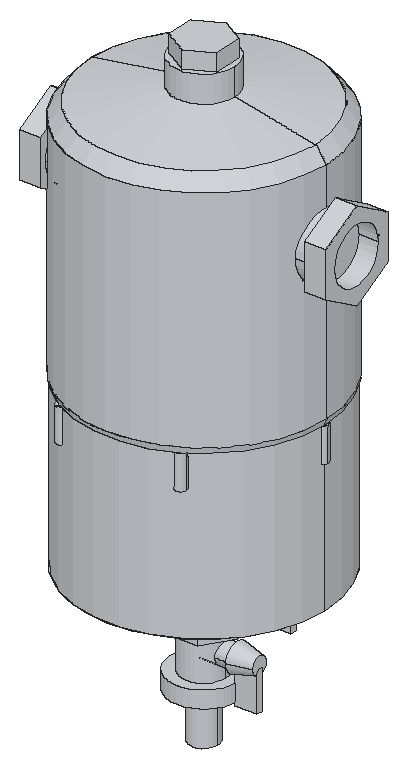
Revit family "307_c7f183209db04ccca2590cd4445be8", category Pipe Accessories, Revit 2022
Family settings
  Round Connector Dimension = Use Diameter
  Part Type = Breaks Into
  Work Plane-Based = No
  Always vertical = Yes
  Cut with Voids When Loaded = No
  Shared = No
Parameters (values of type "2205 34")
  magiProductId = "d332435fb81c4154ae931f172fefda"
  magiProductFamilyId = "c7f183209db04ccca2590cd4445be8"
  magiPartTypeId = 307
  isMeasuringValve [instance] = no
  ang2D [instance] = 0.00°
  W2D = 25 mm
  VersionID = "2.0/2018.5.23.1/FAR_2205_001"
  Use Minimum Symbol Size [instance] = yes
  R9 = 12 mm
  R8 = 7.9 mm
  R77S = 21.188 mm
  R77C = 36.698 mm
  R77 = 42.375 mm
  R7 = 43.375 mm
  R6 = 9.9 mm
  R5 = 10.9 mm
  R4 = 12 mm
  R3 = 16 mm
  R22 = 24.938 mm
  R2 = 39.875 mm
  R12 = 12 mm
  R1 = 43.875 mm
  R = 10 mm
  QmdConnectorList = "301;D;302;D"
  Productdata [instance] = "© MagiCAD Group, all rights reserved"
  NT__ve = -NT  # -7.267 mm
  NT = 7.267 mm
  Manufacturer = "FAR"
  MC Product Code = "2205 34"
  LR__ve = -LR  # -11.9 mm
  LR = 11.9 mm
  LNT__ve = -LNT  # -94.467 mm
  LNT = 94.467 mm
  LL = 16.55 mm
  L8 = 8 mm
  L6 = 6 mm
  L5 = 5 mm
  L4 = 4 mm
  L3 = 3 mm
  L2D_Min = 3048 mm
  L2D = 109 mm
  L22__ve = -L22  # -2 mm
  L22 = 2 mm
  L20 = 14 mm
  L2 = 54.5 mm
  L16 = 14 mm
  HH2 = 58 mm
  HH = 30.5 mm
  Description = "Dirt separator with magnetic inserts, drain valve, F-F conn."
  Default Elevation = 0 mm
  D = 20 mm
  CenSd_R6_6 = R6 * cos(30.00°)  # 8.574 mm
  CenSd_R3_6 = R3 * cos(30.00°)  # 13.856 mm
  CenSd_R12_6 = R12 * cos(30.00°)  # 10.392 mm
  BNTL = 59.45 mm
  BB = 9.5 mm
  A34 = 117.45 mm
  A = 174 mm
Types (5, lengths in mm): name | magiProductId | R8 | R77S | R77C | R77 | R7 | R6 | R5 | R4 | R3 | R22 | R2 | R1 | R | Productdata | NT__ve | NT | MC Product Code | LR__ve | LR | LNT__ve | LNT | LL | L2 | HH2 | HH | D | CenSd_R6_6 | CenSd_R3_6 | BNTL | BB | A34 | A
  2205 1 | "b24b66817fbb4e599b3169297f0ace" | 7.9 | 21.188 | 36.698 | 42.375 | 43.375 | 9.9 | 10.9 | 14.5 | 18.5 | 24.938 | 39.875 | 43.875 | 12.5 | "© Progman Oy, all rights reserved" | -7.267 | 7.267 | "2205 1" | -11.9 | 11.9 | -94.467 | 94.467 | 16.55 | 54.5 | 58 | 30.5 | 25 | 8.574 | 16.021 | 59.45 | 9.5 | 117.45 | 174
  2205 112 | "3962f5c2ffc24ff3bb7c51e0174143" | 8.9 | 23.062 | 39.945 | 46.125 | 47.125 | 10.9 | 11.9 | 22 | 26 | 26.812 | 43.625 | 47.625 | 20 | "© Progman Oy, all rights reserved" | -7.933 | 7.933 | "2205 112" | -12.9 | 12.9 | -103.133 | 103.133 | 21.1 | 59.5 | 62.667 | 33 | 40 | 9.44 | 22.517 | 64.233 | 12 | 126.9 | 188
  2205 114 | "74f661cc48a0475ea4063781007844" | 8.9 | 23.062 | 39.945 | 46.125 | 47.125 | 10.9 | 11.9 | 18 | 22 | 26.812 | 43.625 | 47.625 | 16 | "© Progman Oy, all rights reserved" | -7.933 | 7.933 | "2205 114" | -12.9 | 12.9 | -103.133 | 103.133 | 21.1 | 59.5 | 62.667 | 33 | 32 | 9.44 | 19.053 | 64.233 | 12 | 126.9 | 188
  2205 2 | "535720fa7c994ee38715db12bd846f" | 9.6 | 24.375 | 42.219 | 48.75 | 49.75 | 11.6 | 12.6 | 27 | 31 | 28.125 | 46.25 | 50.25 | 25 | "© Progman Oy, all rights reserved" | -8.4 | 8.4 | "2205 2" | -13.6 | 13.6 | -109.2 | 109.2 | 19.8 | 63 | 61.333 | 35.5 | 50 | 10.046 | 26.847 | 62.867 | 14.5 | 124.2 | 184
  2205 34 | "d332435fb81c4154ae931f172fefda" | 7.9 | 21.188 | 36.698 | 42.375 | 43.375 | 9.9 | 10.9 | 12 | 16 | 24.938 | 39.875 | 43.875 | 10 | "© MagiCAD Group, all rights reserved" | -7.267 | 7.267 | "2205 34" | -11.9 | 11.9 | -94.467 | 94.467 | 16.55 | 54.5 | 58 | 30.5 | 20 | 8.574 | 13.856 | 59.45 | 9.5 | 117.45 | 174
Reference planes
  plane 1 "Center (Front/Back)": y = 0
  plane 2 "XYPLANE": z = 0
  plane 3 "Center (Left/Right)": x = 0
  plane 4 "207": x = -24.938
  plane 5 "206": x = 24.938
  plane 6 "205": z = -122.45
  plane 7 "201": x = -21.188
  plane 8 "200": x = 21.188
  plane 9 "199": y = 36.698
  plane 10 "198": y = -36.698
  plane 11 "197": x = -42.375
  plane 12 "196": x = 42.375
  plane 13 "182": x = 15.9
  plane 14 "181": y = 1
  plane 15 "180": z = -151.45
  plane 16 "177": x = 19.9
  plane 17 "176": x = 11.9
  plane 18 "171": z = -143.45
  plane 19 "166": z = -157.45
  plane 20 "163": z = -151.45
  plane 21 "158": z = -137.45
  plane 22 "157": z = -133.45
  plane 23 "155": z = -125.45
  plane 24 "150": z = -119.45
  plane 25 "146": z = -117.45
  plane 26 "120": z = 45
  plane 27 "119": z = 35.5
  plane 28 "99": z = 25.5
  plane 29 "98": z = -56
  plane 30 "97": z = 30.5
  plane 31 "96": z = -58
  plane 32 "91": x = 47.233
  plane 33 "48": z = -174
  plane 34 "39": x = 54.5
  plane 35 "38": x = -54.5
  plane 36 "37": z = 0
  plane 37 "36": y = 0
  plane 38 "35": x = 0
Forms (mm)
  Extrusion 1, solid
    sketch origin (750, 1, 0) x (-1, 0, 0) y (0, 0, 1)
      loop
        line (767.938, -116.45) -> (767.938, -128.45) -> (781.938, -128.45) -> (781.938, -116.45) -> (767.938, -116.45)
    from 0 to -2 <- "L22__ve"
  Extrusion 2, solid
    sketch origin (750, 1, 0) x (-1, 0, 0) y (0, 0, 1)
      loop
        line (718.062, -116.45) -> (718.062, -128.45) -> (732.063, -128.45) -> (732.063, -116.45) -> (718.062, -116.45)
    from 0 to -2 <- "L22__ve"
  Extrusion 3, solid
    sketch origin (-750, 0, -58) x (1, 0, 0) y (0, 1, 0)
      loop
        circle (771.188, -36.698) r 2
    from 0 to -11.9 <- "LR__ve"
  Extrusion 4, solid
    sketch origin (-750, 0, -58) x (1, 0, 0) y (0, 1, 0)
      loop
        circle (771.188, 36.698) r 2
    from 0 to -11.9 <- "LR__ve"
  Extrusion 5, solid
    sketch origin (-750, 0, -58) x (1, 0, 0) y (0, 1, 0)
      loop
        circle (792.375, 0) r 2
    from 0 to -11.9 <- "LR__ve"
  Extrusion 6, solid
    sketch origin (-750, 0, -58) x (1, 0, 0) y (0, 1, 0)
      loop
        circle (707.625, 0) r 2
    from 0 to -11.9 <- "LR__ve"
  Extrusion 7, solid
    sketch origin (-750, 0, -58) x (1, 0, 0) y (0, 1, 0)
      loop
        circle (728.812, 36.698) r 2
    from 0 to -11.9 <- "LR__ve"
  Extrusion 8, solid
    sketch origin (-750, 0, -58) x (1, 0, 0) y (0, 1, 0)
      loop
        circle (728.812, -36.698) r 2
    from 0 to -11.9 <- "LR__ve"
  Extrusion 9, solid
    sketch origin (750, 1, 0) x (-1, 0, 0) y (0, 0, 1)
      loop
        line (730.1, -144.45) -> (730.1, -158.45) -> (738.1, -158.45) -> (738.1, -144.45) -> (730.1, -144.45)
    from 0 to -2 <- "L22__ve"
  Blend 10, solid
    base sketch origin (11.9, -750, 0) x (0, 1, 0) y (0, 0, 1)
      loop
        circle (750, -143.45) r 5
    top sketch origin (11.9, -750, 0) x (0, 1, 0) y (0, 0, 1)
      loop
        circle (750, -143.45) r 3
    from 0 to 8
  Extrusion 11, solid
    sketch origin (0, -750, 0) x (0, 1, 0) y (0, 0, 1)
      loop
        circle (750, -143.45) r 4
    from 0 to 11.9 <- "LR"
  Extrusion 12, solid
    sketch origin (-750, 0, -174) x (1, 0, 0) y (0, 1, 0)
      loop
        circle (750, 0) r 5
    from 0 to 16.55 <- "LL"
  Extrusion 13, solid
    sketch origin (-750, 0, -157.45) x (1, 0, 0) y (0, 1, 0)
      loop
        circle (750, 0) r 12
    from 0 to 6 <- "L6"
  Extrusion 14, solid
    sketch origin (-750, 0, -151.45) x (1, 0, 0) y (0, 1, 0)
      loop
        circle (750, 0) r 7.9
    from 0 to 14 <- "L16"
  Extrusion 15, solid
    sketch origin (-750, 0, -137.45) x (1, 0, 0) y (0, 1, 0)
      loop
        line (762, 0) -> (756, 10.392) -> (744, 10.392) -> (738, 0) -> (744, -10.392) -> (756, -10.392) -> (762, 0)
    from 0 to 4 <- "L4"
  Extrusion 16, solid
    sketch origin (-750, 0, -133.45) x (1, 0, 0) y (0, 1, 0)
      loop
        line (750, 9.9) -> (741.426, 4.95) -> (741.426, -4.95) -> (750, -9.9) -> (758.574, -4.95) -> (758.574, 4.95) -> (750, 9.9)
    from 0 to 8 <- "L8"
  Blend 17, solid
    base sketch origin (-750, 0, -119.45) x (1, 0, 0) y (0, 1, 0)
      loop
        circle (750, 0) r 39.875
    top sketch origin (-750, 0, -119.45) x (1, 0, 0) y (0, 1, 0)
      loop
        circle (750, 0) r 10.9
    from 0 to -6
  Blend 18, solid
    base sketch origin (-750, 0, -119.45) x (1, 0, 0) y (0, 1, 0)
      loop
        circle (750, 0) r 39.875
    top sketch origin (-750, 0, -119.45) x (1, 0, 0) y (0, 1, 0)
      loop
        circle (750, 0) r 43.375
    from 0 to 2
  Extrusion 19, solid
    sketch origin (-750, 0, 45) x (1, 0, 0) y (0, 1, 0)
      loop
        line (750, 9.9) -> (741.426, 4.95) -> (741.426, -4.95) -> (750, -9.9) -> (758.574, -4.95) -> (758.574, 4.95) -> (750, 9.9)
    from 0 to 6
  Blend 20, solid
    base sketch origin (-750, 0, 30.5) x (1, 0, 0) y (0, 1, 0)
      loop
        circle (750, 0) r 39.875
    top sketch origin (-750, 0, 30.5) x (1, 0, 0) y (0, 1, 0)
      loop
        circle (750, 0) r 10.9
    from 0 to 5
  Extrusion 21, solid
    sketch origin (-750, 0, 35.5) x (1, 0, 0) y (0, 1, 0)
      loop
        circle (750, 0) r 10.9
    from 0 to 9.5 <- "BB"
  Blend 22, solid
    base sketch origin (-750, 0, 25.5) x (1, 0, 0) y (0, 1, 0)
      loop
        circle (750, 0) r 43.875
    top sketch origin (-750, 0, 25.5) x (1, 0, 0) y (0, 1, 0)
      loop
        circle (750, 0) r 39.875
    from 0 to 5
  Blend 23, solid
    base sketch origin (-750, 0, -56) x (1, 0, 0) y (0, 1, 0)
      loop
        circle (750, 0) r 43.875
    top sketch origin (-750, 0, -56) x (1, 0, 0) y (0, 1, 0)
      loop
        circle (750, 0) r 43.875
    from 0 to 81.5
  Blend 24, solid
    base sketch origin (-750, 0, -58) x (1, 0, 0) y (0, 1, 0)
      loop
        circle (750, 0) r 43.375
    top sketch origin (-750, 0, -58) x (1, 0, 0) y (0, 1, 0)
      loop
        circle (750, 0) r 43.875
    from 0 to 2
  Extrusion 25, solid
    sketch origin (-750, 0, -117.45) x (1, 0, 0) y (0, 1, 0)
      loop
        circle (750, 0) r 43.375
    from 0 to 59.45 <- "BNTL"
  Extrusion 26, solid
    sketch origin (47.233, -750, 0) x (0, 1, 0) y (0, 0, 1)
      loop
        circle (750, 0) r 12
    from 0 to -94.467 <- "LNT__ve"
  Extrusion 27, solid
    sketch origin (54.5, -750, 0) x (0, 1, 0) y (0, 0, 1)
      loop
        line (750, 16) -> (736.144, 8) -> (736.144, -8) -> (750, -16) -> (763.856, -8) -> (763.856, 8) -> (750, 16)
      loop
        circle (750, 0) r 10
    from 0 to -7.267 <- "NT__ve"
  Extrusion 28, solid
    sketch origin (-54.5, -750, 0) x (0, 1, 0) y (0, 0, 1)
      loop
        line (750, 16) -> (736.144, 8) -> (736.144, -8) -> (750, -16) -> (763.856, -8) -> (763.856, 8) -> (750, 16)
      loop
        circle (750, 0) r 10
    from 0 to 7.267 <- "NT"
  Extrusion 29, solid, not visible
    sketch origin (54.5, -750, 0) x (0, 1, 0) y (0, 0, 1)
      loop
        circle (750, 0) r 10
    from 0 to -10
  Extrusion 30, solid, not visible
    sketch origin (-54.5, -750, 0) x (0, 1, 0) y (0, 0, 1)
      loop
        circle (750, 0) r 10
    from 0 to 10
Lines and regions (mm)
  reference lines, not visible
    curve 1: circle (2, 2, 0) r 1 normal (0, 0, 1)
  reference lines
    curve 2: circle (-24.938, 1, -122.45) r 1 normal (0, -1, 0)
    curve 3: circle (24.938, 1, -122.45) r 1 normal (0, -1, 0)
    curve 4: circle (15.9, 1, -151.45) r 1 normal (0, -1, 0)
    curve 5: line (0, 0, -137.45) -> (-3, 5.196, -137.45)
    curve 6: line (0, 0, -137.45) -> (-6, 0, -137.45)
    curve 7: line (0, 0, -137.45) -> (-3, -5.196, -137.45)
    curve 8: line (0, 0, -133.45) -> (-4.287, -2.475, -133.45)
    curve 9: line (0, 0, -133.45) -> (0, -4.95, -133.45)
    curve 10: line (0, 0, -133.45) -> (4.287, -2.475, -133.45)
    curve 11: line (0, 0, 45) -> (-4.287, -2.475, 45)
    curve 12: line (0, 0, 45) -> (0, -4.95, 45)
    curve 13: line (0, 0, 45) -> (4.287, -2.475, 45)
    curve 14: line (54.5, 0, 0) -> (54.5, 8.011, -4.625)
    curve 15: line (54.5, 0, 0) -> (54.5, 0, -9.25)
    curve 16: line (54.5, 0, 0) -> (54.5, -8.011, -4.625)
    curve 17: line (-54.5, 0, 0) -> (-54.5, -8.011, -4.625)
    curve 18: line (-54.5, 0, 0) -> (-54.5, 0, -9.25)
    curve 19: line (-54.5, 0, 0) -> (-54.5, 8.011, -4.625)
Dimensions and locks
  plane 1 "Center (Front/Back)" to curve 1 = 2 mm
  "R22": plane 3 "Center (Left/Right)" to plane 4 "207"
  "R22": plane 3 "Center (Left/Right)" to plane 5 "206"
  "L3": plane 24 "150" to plane 6 "205"
  "R77S": plane 3 "Center (Left/Right)" to plane 7 "201"
  "R77S": plane 3 "Center (Left/Right)" to plane 8 "200"
  "R77C": plane 1 "Center (Front/Back)" to plane 9 "199"
  "R77C": plane 1 "Center (Front/Back)" to plane 10 "198"
  "R77": plane 3 "Center (Left/Right)" to plane 11 "197"
  "R77": plane 3 "Center (Left/Right)" to plane 12 "196"
  "L4": plane 16 "177" to plane 13 "182"
  locked: plane 1 "Center (Front/Back)" to plane 14 "181" at 1
  "L8": plane 18 "171" to plane 15 "180"
  "L8": plane 17 "176" to plane 16 "177"
  "LR": plane 3 "Center (Left/Right)" to plane 17 "176"
  "L6": plane 21 "158" to plane 18 "171"
  "L6": plane 20 "163" to plane 19 "166"
  "L16": plane 21 "158" to plane 20 "163"
  "L4": plane 22 "157" to plane 21 "158"
  "L8": plane 23 "155" to plane 22 "157"
  "L6": plane 24 "150" to plane 23 "155"
  "L22": plane 25 "146" to plane 24 "150"
  "A34": plane 2 "XYPLANE" to plane 25 "146"
  "BB": plane 27 "119" to plane 26 "120"
  "L5": plane 30 "97" to plane 27 "119"
  locked: plane 30 "97" to plane 28 "99" at 5
  locked: plane 31 "96" to plane 29 "98" at 2
  "HH": plane 2 "XYPLANE" to plane 30 "97"
  "HH2": plane 2 "XYPLANE" to plane 31 "96"
  "NT": plane 34 "39" to plane 32 "91"
  "A": plane 2 "XYPLANE" to plane 33 "48"
  "L2": plane 3 "Center (Left/Right)" to plane 34 "39"
  "L2": plane 3 "Center (Left/Right)" to plane 35 "38"
  locked: plane 2 "XYPLANE" to plane 36 "37"
  locked: plane 1 "Center (Front/Back)" to plane 37 "36"
  locked: plane 3 "Center (Left/Right)" to plane 38 "35"
  equal spacing: Extrusion 1 sketch curve, curve 2, Extrusion 1 sketch curve  (x2)
  "R12": Extrusion 1 sketch curve to Extrusion 1 sketch curve
  "L20": Extrusion 1 sketch curve to Extrusion 1 sketch curve
  Extrusion 1 sketch curve to Extrusion 1 sketch curve = 0 mm  (x8)
  equal spacing: Extrusion 2 sketch curve, curve 3, Extrusion 2 sketch curve  (x2)
  "R12": Extrusion 2 sketch curve to Extrusion 2 sketch curve
  "L20": Extrusion 2 sketch curve to Extrusion 2 sketch curve
  Extrusion 2 sketch curve to Extrusion 2 sketch curve = 0 mm  (x8)
  equal spacing: Extrusion 9 sketch curve, curve 4, Extrusion 9 sketch curve  (x2)
  "L20": Extrusion 9 sketch curve to Extrusion 9 sketch curve
  "L8": Extrusion 9 sketch curve to Extrusion 9 sketch curve
  Extrusion 9 sketch curve to Extrusion 9 sketch curve = 0 mm  (x8)
  "CenSd_R12_6": curve 5 to Extrusion 15 sketch curve  (x2)
  "CenSd_R12_6": curve 6 to Extrusion 15 sketch curve  (x2)
  "CenSd_R12_6": curve 7 to Extrusion 15 sketch curve  (x2)
  Extrusion 15 sketch curve to Extrusion 15 sketch curve = 0 mm  (x12)
  "CenSd_R6_6": curve 8 to Extrusion 16 sketch curve  (x2)
  "CenSd_R6_6": curve 9 to Extrusion 16 sketch curve  (x2)
  "CenSd_R6_6": curve 10 to Extrusion 16 sketch curve  (x2)
  Extrusion 16 sketch curve to Extrusion 16 sketch curve = 0 mm  (x12)
  "CenSd_R6_6": curve 11 to Extrusion 19 sketch curve  (x2)
  "CenSd_R6_6": curve 12 to Extrusion 19 sketch curve  (x2)
  "CenSd_R6_6": curve 13 to Extrusion 19 sketch curve  (x2)
  Extrusion 19 sketch curve to Extrusion 19 sketch curve = 0 mm  (x12)
  "CenSd_R3_6": curve 14 to Extrusion 27 sketch curve  (x2)
  "CenSd_R3_6": curve 15 to Extrusion 27 sketch curve  (x2)
  "CenSd_R3_6": curve 16 to Extrusion 27 sketch curve  (x2)
  Extrusion 27 sketch curve to Extrusion 27 sketch curve = 0 mm  (x12)
  "CenSd_R3_6": curve 17 to Extrusion 28 sketch curve  (x2)
  "CenSd_R3_6": curve 18 to Extrusion 28 sketch curve  (x2)
  "CenSd_R3_6": curve 19 to Extrusion 28 sketch curve  (x2)
  Extrusion 28 sketch curve to Extrusion 28 sketch curve = 0 mm  (x12)
  "L22": radius of Extrusion 3 sketch curve
  "L22": radius of Extrusion 4 sketch curve
  "L22": radius of Extrusion 5 sketch curve
  "L22": radius of Extrusion 6 sketch curve
  "L22": radius of Extrusion 7 sketch curve
  "L22": radius of Extrusion 8 sketch curve
  "L3": radius of Blend 10 sketch curve
  "L5": radius of Blend 10 sketch curve
  "L4": radius of Extrusion 11 sketch curve
  "L5": radius of Extrusion 12 sketch curve
  "R9": radius of Extrusion 13 sketch curve
  "R8": radius of Extrusion 14 sketch curve
  "R5": radius of Blend 17 sketch curve
  "R2": radius of Blend 17 sketch curve
  "R7": radius of Blend 18 sketch curve
  "R2": radius of Blend 18 sketch curve
  "R5": radius of Blend 20 sketch curve
  "R2": radius of Blend 20 sketch curve
  "R5": radius of Extrusion 21 sketch curve
  "R2": radius of Blend 22 sketch curve
  "R1": radius of Blend 22 sketch curve
  "R1": radius of Blend 23 sketch curve  (x2)
  "R1": radius of Blend 24 sketch curve
  "R7": radius of Blend 24 sketch curve
  "R7": radius of Extrusion 25 sketch curve
  "R4": radius of Extrusion 26 sketch curve
  "R": radius of Extrusion 27 sketch curve
  "R": radius of Extrusion 28 sketch curve
  locked: curve 6 to curve 5 (angle 60.00°)
  locked: curve 7 to curve 6 (angle 60.00°)
  locked: curve 7 to curve 5 (angle 120.00°)
  locked: curve 9 to curve 8 (angle 60.00°)
  locked: curve 10 to curve 9 (angle 60.00°)
  locked: curve 10 to curve 8 (angle 120.00°)
  locked: curve 12 to curve 11 (angle 60.00°)
  locked: curve 13 to curve 12 (angle 60.00°)
  locked: curve 13 to curve 11 (angle 120.00°)
  locked: curve 15 to curve 14 (angle 60.00°)
  locked: curve 16 to curve 15 (angle 60.00°)
  locked: curve 16 to curve 14 (angle 120.00°)
  locked: curve 18 to curve 17 (angle 60.00°)
  locked: curve 19 to curve 18 (angle 60.00°)
  locked: curve 19 to curve 17 (angle 120.00°)
  aligned and locked: level to plane 2 "XYPLANE"
  aligned and locked: plane 4 "207" to curve 2
  aligned and locked: plane 6 "205" to curve 2
  aligned and locked: plane 5 "206" to curve 3
  aligned and locked: plane 6 "205" to curve 3
  aligned and locked: plane 8 "200" to Extrusion 3 sketch curve
  aligned and locked: plane 10 "198" to Extrusion 3 sketch curve
  aligned and locked: plane 8 "200" to Extrusion 4 sketch curve
  aligned and locked: plane 9 "199" to Extrusion 4 sketch curve
  aligned and locked: plane 12 "196" to Extrusion 5 sketch curve
  aligned and locked: plane 37 "36" to Extrusion 5 sketch curve
  aligned and locked: plane 11 "197" to Extrusion 6 sketch curve
  aligned and locked: plane 37 "36" to Extrusion 6 sketch curve
  aligned and locked: plane 7 "201" to Extrusion 7 sketch curve
  aligned and locked: plane 9 "199" to Extrusion 7 sketch curve
  aligned and locked: plane 7 "201" to Extrusion 8 sketch curve
  aligned and locked: plane 10 "198" to Extrusion 8 sketch curve
  aligned and locked: plane 13 "182" to curve 4
  aligned and locked: plane 15 "180" to curve 4
  aligned and locked: plane 18 "171" to Blend 10 sketch curve  (x2)
  aligned and locked: Blend 10 sketch curve to plane 37 "36"  (x2)
  aligned and locked: plane 16 "177" to Blend 10
  aligned and locked: plane 18 "171" to Extrusion 11 sketch curve
  aligned and locked: Extrusion 11 sketch curve to plane 37 "36"
  aligned and locked: plane 37 "36" to Extrusion 12 sketch curve
  aligned and locked: plane 38 "35" to Extrusion 12 sketch curve
  aligned and locked: plane 37 "36" to Extrusion 13 sketch curve
  aligned and locked: plane 38 "35" to Extrusion 13 sketch curve
  aligned and locked: plane 37 "36" to Extrusion 14 sketch curve
  aligned and locked: plane 38 "35" to Extrusion 14 sketch curve
  aligned and locked: plane 37 "36" to curve 7
  aligned and locked: plane 38 "35" to curve 7
  aligned and locked: plane 37 "36" to curve 10
  aligned and locked: plane 38 "35" to curve 10
  aligned and locked: plane 37 "36" to Blend 17 sketch curve  (x2)
  aligned and locked: plane 38 "35" to Blend 17 sketch curve  (x2)
  aligned and locked: Blend 17 to plane 23 "155"
  aligned and locked: plane 37 "36" to Blend 18 sketch curve  (x2)
  aligned and locked: plane 38 "35" to Blend 18 sketch curve  (x2)
  aligned and locked: plane 25 "146" to Blend 18
  aligned and locked: plane 37 "36" to curve 13
  aligned and locked: plane 38 "35" to curve 13
  aligned and locked: plane 37 "36" to Blend 20 sketch curve  (x2)
  aligned and locked: plane 38 "35" to Blend 20 sketch curve  (x2)
  aligned and locked: plane 27 "119" to Blend 20
  aligned and locked: plane 37 "36" to Extrusion 21 sketch curve
  aligned and locked: plane 38 "35" to Extrusion 21 sketch curve
  aligned and locked: plane 37 "36" to Blend 22 sketch curve  (x2)
  aligned and locked: plane 38 "35" to Blend 22 sketch curve  (x2)
  aligned and locked: plane 30 "97" to Blend 22
  aligned and locked: plane 37 "36" to Blend 23 sketch curve  (x2)
  aligned and locked: plane 38 "35" to Blend 23 sketch curve  (x2)
  aligned and locked: plane 28 "99" to Blend 23
  aligned and locked: plane 37 "36" to Blend 24 sketch curve  (x2)
  aligned and locked: plane 38 "35" to Blend 24 sketch curve  (x2)
  aligned and locked: plane 29 "98" to Blend 24
  aligned and locked: plane 37 "36" to Extrusion 25 sketch curve
  aligned and locked: plane 38 "35" to Extrusion 25 sketch curve
  aligned and locked: plane 36 "37" to Extrusion 26 sketch curve
  aligned and locked: Extrusion 26 sketch curve to plane 37 "36"
  aligned and locked: plane 36 "37" to curve 16
  aligned and locked: curve 16 to plane 37 "36"
  aligned and locked: plane 36 "37" to Extrusion 27 sketch curve
  aligned and locked: Extrusion 27 sketch curve to plane 37 "36"
  aligned and locked: plane 36 "37" to curve 19
  aligned and locked: curve 19 to plane 37 "36"
  aligned and locked: plane 36 "37" to Extrusion 28 sketch curve
  aligned and locked: Extrusion 28 sketch curve to plane 37 "36"
  aligned and locked: plane 36 "37" to Extrusion 29 sketch curve
  aligned and locked: Extrusion 29 sketch curve to plane 37 "36"
  aligned and locked: plane 36 "37" to Extrusion 30 sketch curve
  aligned and locked: Extrusion 30 sketch curve to plane 37 "36"
Automatic sketch dimensions
  plane 1 "Center (Front/Back)" to Extrusion 29 sketch curve = 10 mm
  plane 1 "Center (Front/Back)" to Extrusion 30 sketch curve = 10 mm
  plane 3 "Center (Left/Right)" to curve 1 = 2 mm
  plane 25 "146" to Extrusion 1 sketch curve = 1 mm
  plane 7 "201" to Extrusion 1 sketch curve = 3.25 mm
  plane 25 "146" to Extrusion 2 sketch curve = 1 mm
  plane 5 "206" to Extrusion 2 sketch curve = 7 mm
  Extrusion 9 sketch curve to plane 16 "177" = 0 mm
  Extrusion 9 sketch curve to plane 19 "166" = 1 mm
  radius of curve 2 = 1 mm
  radius of curve 3 = 1 mm
  radius of curve 4 = 1 mm
  radius of curve 1 = 1 mm
Connectors
  piping at (-54.5, 0, 0), diameter 20, driven by "D"
    settings: on Extrusion 30, index 1, connector inside diameter 609.6 mm, connector length 0 mm, flow factor 0, pipe flow 0.0 L/s, pressure drop 0.0 Pa, fitting loss kfactor 0, connector angle 0.00°, fixture units 0, engagement length 0 mm, angle of deflection 0.00°, flow configuration 0, flow direction 0, fitting loss method 0, system type 29, joint type 0, gender type 0, connector reference index 2, connector utility 0, adjustable connector no, is connector primary yes, connector description ""
  piping at (54.5, 0, 0), diameter 20, driven by "D"
    settings: on Extrusion 29, index 2, connector inside diameter 609.6 mm, connector length 0 mm, flow factor 0, pipe flow 0.0 L/s, pressure drop 0.0 Pa, fitting loss kfactor 0, connector angle 0.00°, fixture units 0, engagement length 0 mm, angle of deflection 0.00°, flow configuration 0, flow direction 0, fitting loss method 0, system type 29, joint type 0, gender type 0, connector reference index 1, connector utility 0, adjustable connector no, is connector primary no, connector description ""
